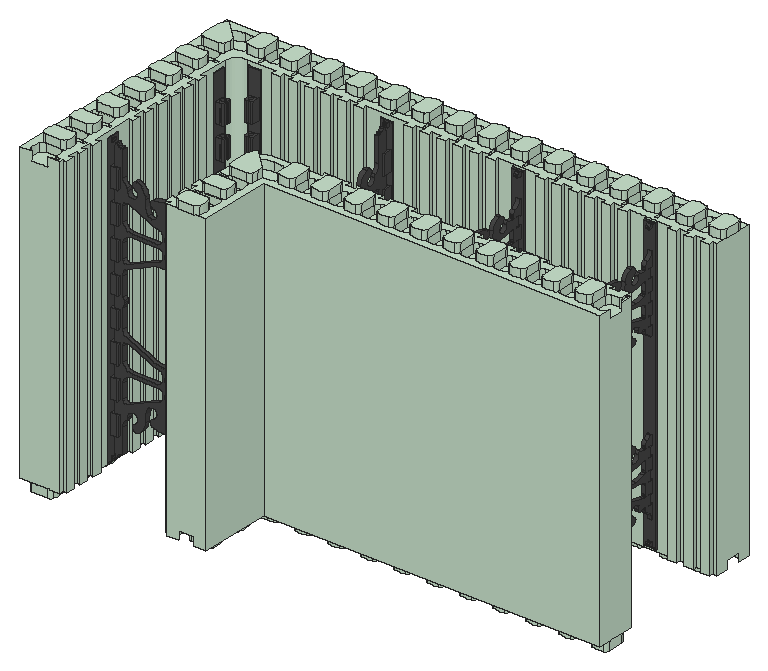
Revit family (continued)
Definition of nested family "NUDURA Logo Diamond Missing Outside Line"
  Lines and regions (mm)
    model lines
      curve 37: arc (291.265, 0, 404.63) -> (289.405, 0, 400.14) -> (291.265, 0, 395.65) r 6.35
      curve 38: arc (318.205, 0, 404.63) -> (320.065, 0, 400.14) -> (318.205, 0, 395.65) r 6.35
      curve 39: arc (309.225, 0, 386.67) -> (304.735, 0, 384.81) -> (300.245, 0, 386.67) r 6.35
      curve 40: arc (300.245, 0, 413.611) -> (304.735, 0, 415.471) -> (309.225, 0, 413.611) r 6.35
      curve 41: arc (320.001, 0, 406.426) -> (322.605, 0, 400.14) -> (320.001, 0, 393.854) r 8.89
      curve 42: line (295.497, 0, 412.455) -> (289.468, 0, 406.426)
      curve 43: line (320.001, 0, 406.426) -> (313.973, 0, 412.455)
      curve 44: arc (295.497, 0, 387.825) -> (298.287, 0, 381.09) -> (295.497, 0, 374.355) r 9.525
      curve 45: arc (313.973, 0, 387.825) -> (311.183, 0, 381.09) -> (313.973, 0, 374.355) r 9.525
      curve 46: line (313.973, 0, 349.725) -> (320.001, 0, 355.754)
      curve 47: line (289.468, 0, 355.754) -> (295.497, 0, 349.725)
      curve 48: line (300.245, 0, 375.511) -> (291.265, 0, 366.53)
      curve 49: line (318.205, 0, 366.53) -> (309.225, 0, 375.511)
      curve 50: line (309.225, 0, 348.57) -> (318.205, 0, 357.55)
      curve 51: line (291.265, 0, 357.55) -> (300.245, 0, 348.57)
      curve 52: arc (289.468, 0, 368.326) -> (286.865, 0, 362.04) -> (289.468, 0, 355.754) r 8.89
      curve 53: arc (291.265, 0, 366.53) -> (289.405, 0, 362.04) -> (291.265, 0, 357.55) r 6.35
      curve 54: arc (318.205, 0, 366.53) -> (320.065, 0, 362.04) -> (318.205, 0, 357.55) r 6.35
      curve 55: arc (309.225, 0, 348.57) -> (304.735, 0, 346.71) -> (300.245, 0, 348.57) r 6.35
      curve 56: arc (300.245, 0, 375.511) -> (304.735, 0, 377.371) -> (309.225, 0, 375.511) r 6.35
      curve 57: arc (320.001, 0, 368.326) -> (322.605, 0, 362.04) -> (320.001, 0, 355.754) r 8.89
      curve 58: line (295.497, 0, 374.355) -> (289.468, 0, 368.326)
      curve 59: arc (295.497, 0, 349.725) -> (298.287, 0, 342.99) -> (295.497, 0, 336.255) r 9.525
      curve 60: arc (313.973, 0, 349.725) -> (311.183, 0, 342.99) -> (313.973, 0, 336.255) r 9.525
      curve 61: line (324.683, 0, 325.545) -> (313.973, 0, 336.255)
      curve 62: line (284.787, 0, 325.545) -> (286.583, 0, 323.749)
      curve 63: arc (300.245, 0, 337.411) -> (304.735, 0, 339.271) -> (309.225, 0, 337.411) r 6.35
      curve 64: line (320.001, 0, 12.854) -> (311.021, 0, 3.874)
      curve 65: line (313.973, 0, 31.455) -> (320.001, 0, 25.426)
      curve 66: line (320.001, 0, 50.954) -> (313.973, 0, 44.925)
      curve 67: line (313.973, 0, 69.555) -> (320.001, 0, 63.526)
      curve 68: line (320.001, 0, 89.054) -> (313.973, 0, 83.025)
      curve 69: line (313.973, 0, 107.655) -> (320.001, 0, 101.626)
      curve 70: line (309.225, 0, 119.97) -> (322.887, 0, 133.632)
      curve 71: line (322.887, 0, 133.632) -> (324.683, 0, 131.836)
      curve 72: line (286.583, 0, 133.632) -> (300.245, 0, 119.97)
      curve 73: line (295.497, 0, 121.125) -> (284.787, 0, 131.836)
      curve 74: line (289.468, 0, 101.626) -> (295.497, 0, 107.655)
      curve 75: line (295.497, 0, 83.025) -> (289.468, 0, 89.054)
      curve 76: line (289.468, 0, 63.526) -> (295.497, 0, 69.555)
      curve 77: line (295.497, 0, 44.925) -> (289.468, 0, 50.954)
      curve 78: line (289.468, 0, 25.426) -> (295.497, 0, 31.455)
      curve 79: line (298.449, 0, 3.874) -> (289.468, 0, 12.854)
      curve 80: line (300.245, 0, 5.67) -> (291.265, 0, 14.65)
      curve 81: line (318.205, 0, 14.65) -> (309.225, 0, 5.67)
      curve 82: line (309.225, 0, 32.611) -> (318.205, 0, 23.63)
      curve 83: line (291.265, 0, 23.63) -> (300.245, 0, 32.611)
      curve 84: arc (289.468, 0, 12.854) -> (286.865, 0, 19.14) -> (289.468, 0, 25.426) r 8.89
      curve 85: arc (298.449, 0, 3.874) -> (304.735, 0, 1.27) -> (311.021, 0, 3.874) r 8.89
      curve 86: arc (291.265, 0, 14.65) -> (289.405, 0, 19.14) -> (291.265, 0, 23.63) r 6.35
      curve 87: arc (318.205, 0, 14.65) -> (320.065, 0, 19.14) -> (318.205, 0, 23.63) r 6.35
      curve 88: arc (309.225, 0, 32.611) -> (304.735, 0, 34.471) -> (300.245, 0, 32.611) r 6.35
      curve 89: arc (300.245, 0, 5.67) -> (304.735, 0, 3.81) -> (309.225, 0, 5.67) r 6.35
      curve 90: arc (320.001, 0, 12.854) -> (322.605, 0, 19.14) -> (320.001, 0, 25.426) r 8.89
      curve 91: arc (295.497, 0, 31.455) -> (298.287, 0, 38.19) -> (295.497, 0, 44.925) r 9.525
      curve 92: arc (313.973, 0, 31.455) -> (311.183, 0, 38.19) -> (313.973, 0, 44.925) r 9.525
      curve 93: line (313.973, 0, 69.555) -> (320.001, 0, 63.526)
      curve 94: line (289.468, 0, 63.526) -> (295.497, 0, 69.555)
      curve 95: line (300.245, 0, 43.77) -> (291.265, 0, 52.75)
      curve 96: line (318.205, 0, 52.75) -> (309.225, 0, 43.77)
      curve 97: line (309.225, 0, 70.711) -> (318.205, 0, 61.73)
      curve 98: line (291.265, 0, 61.73) -> (300.245, 0, 70.711)
      curve 99: arc (289.468, 0, 50.954) -> (286.865, 0, 57.24) -> (289.468, 0, 63.526) r 8.89
      curve 100: arc (291.265, 0, 52.75) -> (289.405, 0, 57.24) -> (291.265, 0, 61.73) r 6.35
      curve 101: arc (318.205, 0, 52.75) -> (320.065, 0, 57.24) -> (318.205, 0, 61.73) r 6.35
      curve 102: arc (309.225, 0, 70.711) -> (304.735, 0, 72.571) -> (300.245, 0, 70.711) r 6.35
      curve 103: arc (300.245, 0, 43.77) -> (304.735, 0, 41.91) -> (309.225, 0, 43.77) r 6.35
      curve 104: arc (320.001, 0, 50.954) -> (322.605, 0, 57.24) -> (320.001, 0, 63.526) r 8.89
      curve 105: line (295.497, 0, 44.925) -> (289.468, 0, 50.954)
      curve 106: line (320.001, 0, 50.954) -> (313.973, 0, 44.925)
      curve 107: arc (295.497, 0, 69.555) -> (298.287, 0, 76.29) -> (295.497, 0, 83.025) r 9.525
      curve 108: arc (313.973, 0, 69.555) -> (311.183, 0, 76.29) -> (313.973, 0, 83.025) r 9.525
      curve 109: line (313.973, 0, 107.655) -> (320.001, 0, 101.626)
      curve 110: line (289.468, 0, 101.626) -> (295.497, 0, 107.655)
      curve 111: line (300.245, 0, 81.87) -> (291.265, 0, 90.85)
      curve 112: line (318.205, 0, 90.85) -> (309.225, 0, 81.87)
      curve 113: line (309.225, 0, 108.811) -> (318.205, 0, 99.83)
      curve 114: line (291.265, 0, 99.83) -> (300.245, 0, 108.811)
      curve 115: arc (289.468, 0, 89.054) -> (286.865, 0, 95.34) -> (289.468, 0, 101.626) r 8.89
      curve 116: arc (291.265, 0, 90.85) -> (289.405, 0, 95.34) -> (291.265, 0, 99.83) r 6.35
      curve 117: arc (318.205, 0, 90.85) -> (320.065, 0, 95.34) -> (318.205, 0, 99.83) r 6.35
      curve 118: arc (309.225, 0, 108.811) -> (304.735, 0, 110.671) -> (300.245, 0, 108.811) r 6.35
      curve 119: arc (300.245, 0, 81.87) -> (304.735, 0, 80.01) -> (309.225, 0, 81.87) r 6.35
      curve 120: arc (320.001, 0, 89.054) -> (322.605, 0, 95.34) -> (320.001, 0, 101.626) r 8.89
      curve 121: line (295.497, 0, 83.025) -> (289.468, 0, 89.054)
      curve 122: arc (295.497, 0, 107.655) -> (298.287, 0, 114.39) -> (295.497, 0, 121.125) r 9.525
      curve 123: arc (313.973, 0, 107.655) -> (311.183, 0, 114.39) -> (313.973, 0, 121.125) r 9.525
      curve 124: line (324.683, 0, 131.836) -> (313.973, 0, 121.125)
      curve 125: line (284.787, 0, 131.836) -> (286.583, 0, 133.632)
      curve 126: arc (300.245, 0, 119.97) -> (304.735, 0, 118.11) -> (309.225, 0, 119.97) r 6.35
      curve 127: line (314.26, 0, 317.59) -> (295.21, 0, 317.59)
      curve 128: line (323.785, 0, 149.315) -> (323.785, 0, 308.065)
      curve 129: line (285.685, 0, 308.065) -> (285.685, 0, 149.315)
      curve 130: line (295.21, 0, 139.79) -> (314.26, 0, 139.79)
      curve 131: line (316.797, 0, 304.89) -> (305.798, 0, 311.24)
      curve 132: line (316.797, 0, 292.19) -> (316.797, 0, 304.89)
      curve 133: line (311.298, 0, 289.015) -> (316.797, 0, 292.19)
      curve 134: line (305.373, 0, 292.436) -> (311.298, 0, 289.015)
      curve 135: line (310.447, 0, 295.365) -> (305.373, 0, 292.436)
      curve 136: line (299.874, 0, 307.82) -> (310.447, 0, 301.715)
      curve 137: line (310.447, 0, 301.715) -> (310.447, 0, 295.365)
      curve 138: line (305.798, 0, 311.24) -> (299.874, 0, 307.82)
      curve 139: line (299.023, 0, 295.611) -> (304.097, 0, 298.54)
      curve 140: line (304.097, 0, 298.54) -> (298.172, 0, 301.961)
      curve 141: line (298.172, 0, 301.961) -> (292.673, 0, 298.786)
      curve 142: line (292.673, 0, 298.786) -> (292.673, 0, 286.086)
      curve 143: line (299.023, 0, 289.261) -> (299.023, 0, 295.611)
      curve 144: line (309.596, 0, 283.156) -> (299.023, 0, 289.261)
      curve 145: line (303.671, 0, 279.736) -> (309.596, 0, 283.156)
      curve 146: line (292.673, 0, 286.086) -> (303.671, 0, 279.736)
      curve 147: line (312.702, 0, 269.344) -> (296.768, 0, 272.912)
      curve 148: line (296.768, 0, 272.912) -> (296.768, 0, 267.036)
      curve 149: line (296.768, 0, 267.036) -> (308.089, 0, 264.517)
      curve 150: line (308.089, 0, 264.517) -> (296.768, 0, 260.949)
      curve 151: line (296.768, 0, 260.949) -> (296.768, 0, 251.084)
      curve 152: line (296.768, 0, 251.084) -> (309.138, 0, 248.314)
      curve 153: line (309.138, 0, 248.314) -> (309.138, 0, 247.516)
      curve 154: line (309.138, 0, 247.516) -> (301.281, 0, 248.991)
      curve 155: line (296.768, 0, 245.246) -> (296.768, 0, 237.71)
      curve 156: line (306.598, 0, 222.094) -> (306.598, 0, 228.599)
      curve 157: line (306.598, 0, 228.599) -> (296.768, 0, 230.786)
      curve 158: line (296.768, 0, 230.786) -> (296.768, 0, 215.343)
      curve 159: line (302.723, 0, 230.274) -> (312.702, 0, 228.039)
      curve 160: line (300.341, 0, 217.291) -> (300.341, 0, 223.486)
      curve 161: line (300.341, 0, 223.486) -> (306.598, 0, 222.094)
      curve 162: line (296.768, 0, 205.027) -> (296.768, 0, 197.49)
      curve 163: line (302.723, 0, 190.055) -> (310.162, 0, 188.389)
      curve 164: line (310.162, 0, 188.389) -> (310.162, 0, 176.633)
      curve 165: line (308.892, 0, 175.363) -> (307.868, 0, 175.363)
      curve 166: line (306.598, 0, 176.633) -> (306.598, 0, 180.004)
      curve 167: line (306.598, 0, 180.004) -> (307.868, 0, 179.719)
      curve 168: line (307.868, 0, 179.719) -> (307.868, 0, 186.3)
      curve 169: line (307.868, 0, 186.3) -> (296.768, 0, 188.785)
      curve 170: line (296.768, 0, 188.785) -> (296.768, 0, 182.205)
      curve 171: line (296.768, 0, 182.205) -> (304.058, 0, 180.572)
      curve 172: line (304.058, 0, 180.572) -> (304.058, 0, 177.654)
      curve 173: line (302.788, 0, 176.384) -> (296.768, 0, 176.384)
      curve 174: line (296.768, 0, 176.384) -> (296.768, 0, 164.003)
      curve 175: line (296.768, 0, 164.003) -> (299.284, 0, 162.219)
      curve 176: line (299.284, 0, 162.219) -> (299.284, 0, 153.715)
      curve 177: line (307.942, 0, 156.079) -> (301.824, 0, 160.418)
      curve 178: line (301.824, 0, 160.418) -> (301.824, 0, 154.409)
      curve 179: line (301.824, 0, 154.409) -> (307.942, 0, 156.079)
      curve 180: line (299.284, 0, 153.715) -> (296.768, 0, 153.028)
      curve 181: line (296.768, 0, 153.028) -> (296.768, 0, 146.14)
      curve 182: line (296.768, 0, 146.14) -> (312.702, 0, 150.491)
      curve 183: line (312.702, 0, 150.491) -> (312.702, 0, 159.713)
      curve 184: line (312.702, 0, 159.713) -> (298.767, 0, 169.594)
      curve 185: line (298.767, 0, 169.594) -> (302.342, 0, 169.594)
      curve 186: line (312.702, 0, 172.383) -> (312.702, 0, 193.945)
      curve 187: line (312.702, 0, 193.945) -> (302.326, 0, 196.268)
      curve 188: line (300.341, 0, 198.747) -> (300.341, 0, 201.381)
      curve 189: line (301.888, 0, 202.62) -> (312.702, 0, 200.199)
      curve 190: line (312.702, 0, 200.199) -> (312.702, 0, 206.628)
      curve 191: line (312.702, 0, 206.628) -> (306.843, 0, 207.728)
      curve 192: line (312.702, 0, 212.942) -> (312.702, 0, 227.241)
      curve 193: line (312.702, 0, 227.241) -> (309.138, 0, 228.034)
      curve 194: line (309.138, 0, 228.034) -> (309.138, 0, 217.291)
      curve 195: line (312.702, 0, 228.039) -> (312.702, 0, 234.164)
      curve 196: line (312.702, 0, 234.164) -> (302.326, 0, 236.488)
      curve 197: line (300.341, 0, 238.966) -> (300.341, 0, 241.6)
      curve 198: line (301.736, 0, 242.874) -> (312.702, 0, 240.418)
      curve 199: line (312.702, 0, 240.418) -> (312.702, 0, 253.611)
      curve 200: line (312.702, 0, 253.611) -> (302.429, 0, 255.912)
      curve 201: line (302.429, 0, 255.912) -> (312.702, 0, 259.27)
      curve 202: line (312.702, 0, 259.27) -> (312.702, 0, 269.344)
      curve 203: arc (296.768, 0, 245.246) -> (298.145, 0, 248.178) -> (301.281, 0, 248.991) r 3.81
      curve 204: arc (296.768, 0, 237.71) -> (298.44, 0, 232.946) -> (302.723, 0, 230.274) r 7.62
      curve 205: arc (300.842, 0, 208.826) -> (297.87, 0, 211.5) -> (296.768, 0, 215.343) r 7.251
      curve 206: arc (296.768, 0, 205.027) -> (297.979, 0, 207.812) -> (300.842, 0, 208.826) r 3.808
      curve 207: arc (296.768, 0, 197.49) -> (298.44, 0, 192.727) -> (302.723, 0, 190.055) r 7.62
      curve 208: arc (300.341, 0, 198.747) -> (300.898, 0, 197.159) -> (302.326, 0, 196.268) r 2.54
      curve 209: arc (300.341, 0, 201.381) -> (300.817, 0, 202.372) -> (301.888, 0, 202.62) r 1.27
      curve 210: arc (307.868, 0, 175.363) -> (306.969, 0, 175.735) -> (306.598, 0, 176.633) r 1.27
      curve 211: arc (308.892, 0, 175.363) -> (309.79, 0, 175.735) -> (310.162, 0, 176.633) r 1.27
      curve 212: arc (304.058, 0, 177.654) -> (303.686, 0, 176.756) -> (302.788, 0, 176.384) r 1.27
      curve 213: arc (302.342, 0, 169.594) -> (303.976, 0, 170.198) -> (304.826, 0, 171.718) r 2.516
      curve 214: arc (304.826, 0, 171.718) -> (309.07, 0, 168.432) -> (312.702, 0, 172.383) r 3.966
      curve 215: arc (306.843, 0, 207.728) -> (310.942, 0, 209.02) -> (312.702, 0, 212.942) r 5.249
      curve 216: arc (300.341, 0, 217.291) -> (304.739, 0, 212.893) -> (309.138, 0, 217.291) r 4.398
      curve 217: arc (300.341, 0, 238.966) -> (300.898, 0, 237.378) -> (302.326, 0, 236.488) r 2.54
      curve 218: arc (300.341, 0, 241.6) -> (300.886, 0, 242.648) -> (302.057, 0, 242.802) r 1.279
      curve 219: arc (285.685, 0, 308.065) -> (288.475, 0, 314.8) -> (295.21, 0, 317.59) r 9.525
      curve 220: arc (314.26, 0, 317.59) -> (320.995, 0, 314.8) -> (323.785, 0, 308.065) r 9.525
      curve 221: arc (285.685, 0, 149.315) -> (288.475, 0, 142.58) -> (295.21, 0, 139.79) r 9.525
      curve 222: arc (314.26, 0, 139.79) -> (320.995, 0, 142.58) -> (323.785, 0, 149.315) r 9.525
      curve 223: line (253.935, 0, 457.2) -> (253.935, 0, 0)
      curve 224: line (355.535, 0, 457.2) -> (355.535, 0, 0)
